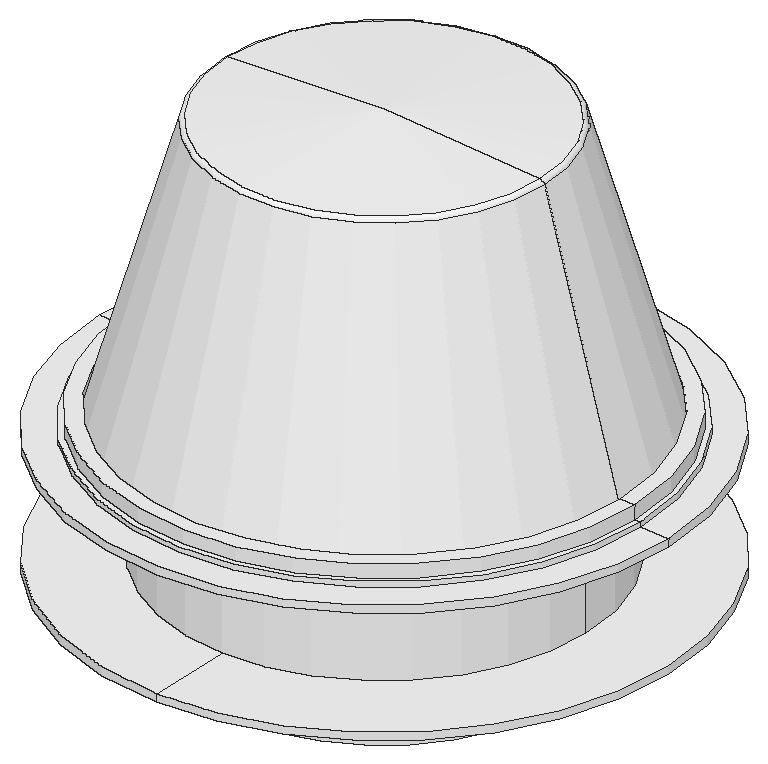
Revit family "R1200-BUV", category Plumbing Fixtures, host Face, Revit 2018
Family settings
  Host = Face
  Round Connector Dimension = Use Radius
  Part Type = Normal
  Cut with Voids When Loaded = No
  Shared = No
  Room Calculation Point = No
Parameters (values of type "2" Drain Pipe Size")
  WFU = 0
  URL = "WWW.MIFAB.COM"
  Strainer Diameter = 0' - 6 15/16"
  Pipe Radius = Pipe Diameter / 2  # 0' - 1"
  Pipe Diameter = 0' - 2"
  Model = "R1200-BUV"
  Manufacturer = "MIFAB"
  Floor Drain Material = Paint - Sherwin Williams Paint - #952C2A - Bellwood Red
  Domestic Cold Water Radius = 0' - 0 1/4"
  Domestic Cold Water Diameter = Domestic Cold Water Radius * 2  # 0' - 0 1/2"
  Description = "LARGE SUMP ROOF DRAIN WITH 2” THROUGH 4” FIXED EXTENSION, SUMP RECEIVER AND DECK CLAMP"
  Default Elevation = 0' - 0"
  CWFU = 0
  Body Height = 0' - 4 1/4"
  Assembly Code = ""
Types (7): name | Pipe Radius | Pipe Diameter
  (no name) | 0' - 1" | 0' - 2"
  2" Drain Pipe Size | 0' - 1" | 0' - 2"
  3" Drain Pipe Size | 0' - 1 1/2" | 0' - 3"
  4" Drain Pipe Size | 0' - 2" | 0' - 4"
  5" Drain Pipe Size | 0' - 2 1/2" | 0' - 5"
  6" Drain Pipe Size | 0' - 3" | 0' - 6"
  8" Drain Pipe Size | 0' - 4" | 0' - 8"
Reference planes (in)
  plane 1 "Center (Front/Back)": y = 0
  plane 2: z = 0
  plane 3 "Center (Left/Right)": x = 0
  plane 4: z = -7.25
  plane 5: z = -3
  plane 6: z = -2.375
  plane 7: y = -1
  plane 8: y = 1
  plane 9: x = -2.5
  plane 10: x = 2.5
  plane 11: z = -2.5
  plane 12: x = 7.5
  plane 13: x = -7.5
  plane 14: z = 7.5
  plane 15: z = -3
  plane 16: z = -6.375
  plane 17: y = 7.5
  plane 18: y = -7.5
  plane 19: x = 6.75
  plane 20: x = -6.75
  plane 21: x = -4.2
  plane 22: x = 4.2
Forms (in)
  Revolve 1, solid, material "Paint - Sherwin Williams Paint - #952C2A - Bellwood Red" <- "Floor Drain Material"
    sketch origin (0, 0.04396, -2.375) x (0, 1, 0) y (0, 0, 1)
      loop
        line (-4.57045, -0.625) -> (-7.54396, -0.625) -> (-7.54396, -0.82422) -> (-4.75951, -0.82422) -> (-4.75951, -2.48988) -> (-1.04396, -2.48988) -> (-1.04396, -4) -> (-0.84474, -4) -> (-0.84474, -2.29066) -> (-4.57045, -2.29066) -> (-4.57045, -0.625)
      axis (-0.04396, -0.625) -> (-0.04396, -4)
    angle from 0 to 360
  Revolve 2, solid, material "Paint - Sherwin Williams Paint - #952C2A - Bellwood Red" <- "Floor Drain Material"
    sketch origin (0, 0, 0) x (1, 0, 0) y (0, 0, 1)
      loop
        line (6.4534, 0.13441) -> (6.4534, 0.26611) -> (6.24075, 0.26611) -> (4.22552, 7.18701)
        arc (4.22552, 7.18701) -> (4.18226, 7.25429) -> (4.10932, 7.28713) r 0.14076
        arc (4.10932, 7.28713) -> (2.0591, 7.47919) -> (0, 7.5) r 24.72845
        line (0, 7.5) -> (0, 7.36712)
        arc (0, 7.36712) -> (2.05271, 7.34653) -> (4.09656, 7.15484) r 24.59563
        line (4.09656, 7.15484) -> (6.14077, 0.13441) -> (6.4534, 0.13441)
      axis (0, 0.13441) -> (0, 7.5)
    angle from 0 to 360
  Revolve 3, solid, material "Paint - Sherwin Williams Paint - #952C2A - Bellwood Red" <- "Floor Drain Material"
    sketch origin (0, 0, 0) x (1, 0, 0) y (0, 0, 1)
      loop
        line (4.77978, 0) -> (4.77978, -0.52072) -> (5.12591, -0.52072) -> (5.12591, -3) -> (5.32513, -3) -> (5.32513, -0.19922) -> (7.5, -0.19922) -> (7.5, 0) -> (6.75, 0) -> (6.75, 0.13441) -> (6.61232, 0.13441) -> (6.61232, 0.47602) -> (6.22626, 0.47602) -> (6.22626, 0.31587) -> (6.4534, 0.31587) -> (6.4534, 0.13441) -> (6.1183, 0.13441) -> (6.1183, 0) -> (4.77978, 0)
      axis (0, -3) -> (0, 0.47602)
    angle from 0 to 360
Lines and regions (in)
  model lines, not visible
    curve 1: line (6.7156, 0, 9.07611) -> (12.5156, 0, 9.07611)
    curve 2: line (12.5156, 0, 9.07611) -> (12.5156, 0, 10.82611)
    curve 3: line (12.5156, 0, 10.82611) -> (6.7156, 0, 10.82611)
    curve 4: line (6.7156, 0, 10.82611) -> (6.7156, 0, 9.07611)
    curve 5: line (7.13163, 0, 10.86539) -> (7.13163, 0, 12.86539)
    curve 6: line (7.13163, 0, 12.86539) -> (15.53163, 0, 12.86539)
    curve 7: line (15.53163, 0, 12.86539) -> (15.53163, 0, 10.86539)
    curve 8: line (11.33163, 0, 12.86539) -> (11.33163, 0, 12.36539)
Dimensions and locks (in)
  "Body Height": plane 5 to plane 4
  equal spacing: plane 8, plane 1 "Center (Front/Back)", plane 7
  "Pipe Diameter": plane 8 to plane 7
  "Pipe Radius": plane 1 "Center (Front/Back)" to plane 7
  locked: plane 13 to plane 12 at 15
  plane 14 to plane 11 = 0' - 10"
  locked: plane 14 to level at 7.5
  locked: level to plane 15 at 3
  locked: plane 15 to plane 16 at 3.375
  equal spacing: plane 13, plane 3 "Center (Left/Right)", plane 12
  locked: plane 18 to plane 17 at 15
  plane 18 to plane 1 "Center (Front/Back)" to plane 17 = 0' - 7 1/2", 0' - 7 1/2"
  locked: plane 5 to Revolve 1 sketch curve at 0.19922
  plane 1 "Center (Front/Back)" to Revolve 1 sketch curve to Revolve 1 sketch curve = 0' - 4.52649" locked, 0' - 0.18905" locked
  locked: plane 19 to plane 20 at 13.5
  plane 21 to plane 3 "Center (Left/Right)" to plane 22 = 0' - 4.2", 0' - 4.2"
  plane 21 to plane 22 = 0' - 8.4"
  aligned and locked: plane 2 to host face
  aligned and locked: level to host face
  aligned and locked: Revolve 1 sketch curve to plane 18
  aligned and locked: Revolve 1 sketch curve to plane 15
  aligned and locked: Revolve 1 sketch curve to plane 16
  aligned and locked: Revolve 3 sketch curve to level
  aligned and locked: Revolve 3 sketch curve to plane 12
  aligned and locked: Revolve 3 sketch curve to plane 15
Automatic sketch dimensions
  host sketch curve to host sketch curve = 8' - 0"  (x2)
  Revolve 1 sketch curve to plane 7 = 0' - 0"
  Revolve 1 sketch curve to plane 1 "Center (Front/Back)" = 0' - 0"
  Revolve 1 sketch curve to plane 4 = 0' - 0"
  Revolve 1 sketch curve to plane 7 = 0' - 0 51/256"
  Revolve 1 sketch curve to Revolve 1 sketch curve = 0' - 1.51012"
  Revolve 1 sketch curve to Revolve 1 sketch curve = 0' - 0 51/256"
  Revolve 1 sketch curve to plane 5 = 0' - 0 1/4"
  Revolve 3 sketch curve to plane 3 "Center (Left/Right)" = 0' - 0"
  Revolve 3 sketch curve to level = 0' - 0"
  Revolve 3 sketch curve to plane 10 = 0' - 2.27978"
  plane 12 to Revolve 3 sketch curve = 0' - 2.37409"
  Revolve 3 sketch curve to Revolve 3 sketch curve = 0' - 0 51/256"
  level to Revolve 3 sketch curve = 0' - 0.13441"  (x2)
  Revolve 3 sketch curve to Revolve 3 sketch curve = 0' - 0.79317"
  Revolve 3 sketch curve to Revolve 3 sketch curve = 0' - 0.10796"
  Revolve 3 sketch curve to Revolve 3 sketch curve = 0' - 0.22714"
  Revolve 3 sketch curve to Revolve 3 sketch curve = 0' - 0.15892"
  Revolve 3 sketch curve to Revolve 3 sketch curve = 0' - 0.13768"
  Revolve 3 sketch curve to level = 0' - 0.52072"
  Revolve 3 sketch curve to level = 0' - 0 51/256"
  Revolve 3 sketch curve to Revolve 3 sketch curve = 0' - 0.18146"
  Revolve 3 sketch curve to Revolve 3 sketch curve = 0' - 0 41/256"
  plane 14 to Revolve 3 sketch curve = 0' - 1.05313"
  Revolve 3 sketch curve to Revolve 3 sketch curve = 0' - 2"
  curve 5 to curve 7 = 0' - 8.4"
  curve 5 to curve 8 = 0' - 4.2"
  curve 5 to curve 5 = 0' - 2"
  curve 7 to curve 6 = 0' - 2"
  curve 8 to curve 8 = 0' - 0 1/2"
  Revolve 2 sketch curve to plane 3 "Center (Left/Right)" = 0' - 0"  (x2)
  Revolve 2 sketch curve to plane 14 = 0' - 0"
  plane 3 "Center (Left/Right)" to Revolve 2 sketch curve = 0' - 0.77986"
  plane 22 to Revolve 2 sketch curve = 0' - 0.10963"
  Revolve 2 sketch curve to plane 22 = 0' - 0.02552"
  Revolve 2 sketch curve to plane 19 = 0' - 0.50925"
  Revolve 2 sketch curve to Revolve 2 sketch curve = 0' - 0.21265"
  Revolve 2 sketch curve to plane 14 = 0' - 0.31299"
  Revolve 2 sketch curve to Revolve 2 sketch curve = 0' - 0.03935"
  level to Revolve 2 sketch curve = 0' - 0.26611"
  Revolve 2 sketch curve to plane 16 = 0' - 10.84115"
  Revolve 2 sketch curve to Revolve 2 sketch curve = 0' - 1.05313"
  Revolve 2 sketch curve to Revolve 2 sketch curve = 0' - 2"
  Revolve 2 sketch curve to Revolve 2 sketch curve = 0' - 0"  (x2)
  Revolve 2 sketch curve to Revolve 2 sketch curve = 0' - 0.00619"
  Revolve 2 sketch curve to Revolve 2 sketch curve = 0' - 0.00718"
  level to Revolve 2 sketch curve = 0' - 0.13441"
  Revolve 2 sketch curve to Revolve 2 sketch curve = 0' - 0.09998"
Connectors (in)
  piping at (0, 0, -6.375), diameter 2, driven by "Pipe Radius", driven by "WFU"
    settings: on Revolve 1, index 2, connector inside diameter 2", connector length 0' - 0", flow factor 0, pipe flow 0 GPM, pressure drop 0.00 psi, fitting loss kfactor 0, connector angle 0.00°, fixture units 0, engagement length 0' - 0", angle of deflection 0.00°, flow configuration 3, flow direction 2, fitting loss method 0, system type 16, joint type 0, gender type 0, connector reference index -1, connector utility 0, adjustable connector no, is connector primary yes, connector description "Sanitary Out"
